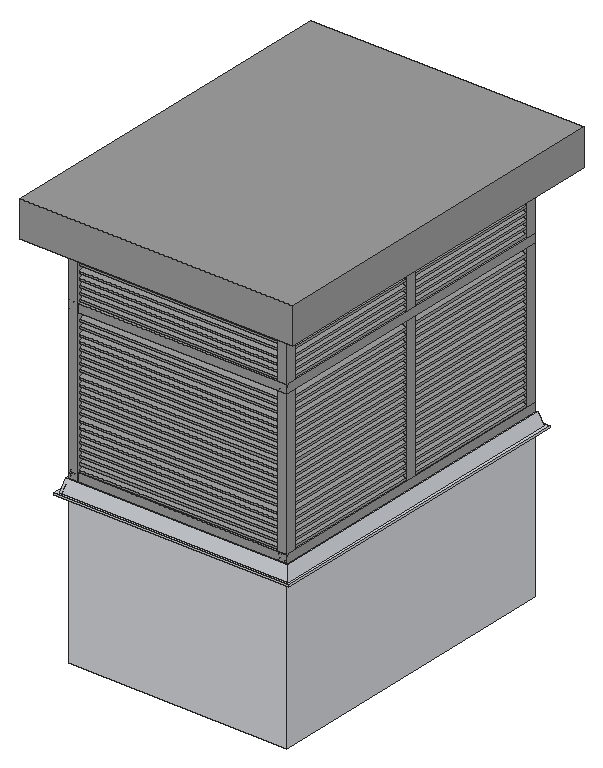
Revit family "SEQ_A3-Roof-light", category Specialty Equipment, Revit 2016
Family settings
  Part Type = Normal
  Round Connector Dimension = Use Diameter
  Work Plane-Based = No
  Always vertical = Yes
  Cut with Voids When Loaded = No
  Shared = No
  Room Calculation Point = No
Reference planes
  plane 1 "Center (Front/Back)": y = 0
  plane 2: z = 0
  plane 3 "Center (Left/Right)": x = 0
  plane 4 "T/O roof light": z = 1700
  plane 5: z = -600
Forms (mm)
  Extrusion 1, solid, material "Metal"
    sketch origin (0, 0, 1700) x (-1, 0, 0) y (0, -1, 0)
      loop
        line (750, -1000) -> (750, 1000) -> (-750, 1000) -> (-750, -1000) -> (750, -1000)
    from 0 to -200
  Extrusion 2, solid
    sketch origin (0, 0, 0) x (1, 0, 0) y (0, 1, 0)
      loop
        line (-600, 850) -> (-600, -850) -> (600, -850) -> (600, 850) -> (-600, 850)
      loop
        line (-550, 800) -> (-550, -800) -> (550, -800) -> (550, 800) -> (-550, 800)
    from -600 to 300
  Sweep 3, solid
    path origin (0, 0, 1700) x (-1, 0, 0) y (0, -1, 0)
      loop
        line (600, -850) -> (600, 850) -> (-600, 850) -> (-600, -850) -> (600, -850)
    profile origin (0, 850, 1700) x (0, 1, 0) y (0, 0, 1)
      loop
        line (28.72, -1459.862) -> (10, -1390) -> (-40, -1390) -> (-40, -1345) -> (-50, -1345) -> (-50, -1400) -> (2.327, -1400) -> (21.046, -1469.862) -> (46.046, -1469.862) -> (46.046, -1459.862) -> (28.72, -1459.862)
  Extrusion 4, solid, material "Metal"
    sketch origin (0, 0, 1700) x (-1, 0, 0) y (0, -1, 0)
      loop
        line (550, 800) -> (600, 800) -> (600, 850) -> (550, 850) -> (550, 800)
      loop
        line (550, -800) -> (550, -850) -> (600, -850) -> (600, -800) -> (550, -800)
      loop
        line (-550, 800) -> (-550, 850) -> (-600, 850) -> (-600, 800) -> (-550, 800)
      loop
        line (-550, -800) -> (-600, -800) -> (-600, -850) -> (-550, -850) -> (-550, -800)
      loop
        line (550, 25) -> (550, -25) -> (600, -25) -> (600, 25) -> (550, 25)
      loop
        line (-550, 25) -> (-600, 25) -> (-600, -25) -> (-550, -25) -> (-550, 25)
    from -1390 to -200
  Extrusion 5, solid, material "Metal"
    sketch origin (0, 0, 1700) x (-1, 0, 0) y (0, -1, 0)
      loop
        line (600, -850) -> (600, 850) -> (-600, 850) -> (-600, -850) -> (600, -850)
      loop
        line (550, -800) -> (550, 800) -> (-550, 800) -> (-550, -800) -> (550, -800)
    from -1390 to -1345
  Extrusion 6, solid, material "Metal"
    sketch origin (0, 0, 2845) x (-1, 0, 0) y (0, -1, 0)
      loop
        line (600, -850) -> (600, 850) -> (-600, 850) -> (-600, -850) -> (600, -850)
      loop
        line (550, -800) -> (550, 800) -> (-550, 800) -> (-550, -800) -> (550, -800)
    from -1390 to -1345
  Extrusion 7, solid, material "Metal"
    sketch origin (0, 0, 2534.666) x (-1, 0, 0) y (0, -1, 0)
      loop
        line (600, -850) -> (600, 850) -> (-600, 850) -> (-600, -850) -> (600, -850)
      loop
        line (550, -800) -> (550, 800) -> (-550, 800) -> (-550, -800) -> (550, -800)
    from -1390 to -1345
  Sweep 8, solid, material "Metal"
    path origin (0, 0, 1700) x (-1, 0, 0) y (0, -1, 0)
      loop
        line (600, -850) -> (600, 850) -> (-600, 850) -> (-600, -850) -> (600, -850)
    profile origin (0, 850, 1700) x (0, 1, 0) y (0, 0, 1)
      loop
        line (-5.514, -503.9) -> (-5.514, -493.9) -> (-41.766, -476.996) -> (-41.766, -466.996) -> (-46.766, -466.996) -> (-46.766, -480.181) -> (-10.514, -497.086) -> (-10.514, -503.9) -> (-5.514, -503.9)
      loop
        line (-5.514, -468.621) -> (-5.514, -458.621) -> (-41.766, -441.716) -> (-41.766, -431.716) -> (-46.766, -431.716) -> (-46.766, -444.902) -> (-10.514, -461.806) -> (-10.514, -468.621) -> (-5.514, -468.621)
      loop
        line (-5.514, -433.342) -> (-5.514, -423.342) -> (-41.766, -406.437) -> (-41.766, -396.437) -> (-46.766, -396.437) -> (-46.766, -409.622) -> (-10.514, -426.527) -> (-10.514, -433.342) -> (-5.514, -433.342)
      loop
        line (-5.514, -398.062) -> (-5.514, -388.062) -> (-41.766, -371.158) -> (-41.766, -361.158) -> (-46.766, -361.158) -> (-46.766, -374.343) -> (-10.514, -391.248) -> (-10.514, -398.062) -> (-5.514, -398.062)
      loop
        line (-5.514, -362.783) -> (-5.514, -352.783) -> (-41.766, -335.879) -> (-41.766, -325.879) -> (-46.766, -325.879) -> (-46.766, -339.064) -> (-10.514, -355.969) -> (-10.514, -362.783) -> (-5.514, -362.783)
      loop
        line (-5.514, -327.504) -> (-5.514, -317.504) -> (-41.766, -300.599) -> (-41.766, -290.599) -> (-46.766, -290.599) -> (-46.766, -303.785) -> (-10.514, -320.689) -> (-10.514, -327.504) -> (-5.514, -327.504)
      loop
        line (-5.514, -292.225) -> (-5.514, -282.225) -> (-41.766, -265.32) -> (-41.766, -255.32) -> (-46.766, -255.32) -> (-46.766, -268.505) -> (-10.514, -285.41) -> (-10.514, -292.225) -> (-5.514, -292.225)
      loop
        line (-5.514, -814.234) -> (-5.514, -804.234) -> (-41.766, -787.329) -> (-41.766, -777.329) -> (-46.766, -777.329) -> (-46.766, -790.515) -> (-10.514, -807.419) -> (-10.514, -814.234) -> (-5.514, -814.234)
      loop
        line (-5.514, -778.955) -> (-5.514, -768.955) -> (-41.766, -752.05) -> (-41.766, -742.05) -> (-46.766, -742.05) -> (-46.766, -755.235) -> (-10.514, -772.14) -> (-10.514, -778.955) -> (-5.514, -778.955)
      loop
        line (-5.514, -743.676) -> (-5.514, -733.676) -> (-41.766, -716.771) -> (-41.766, -706.771) -> (-46.766, -706.771) -> (-46.766, -719.956) -> (-10.514, -736.861) -> (-10.514, -743.676) -> (-5.514, -743.676)
      loop
        line (-5.514, -708.396) -> (-5.514, -698.396) -> (-41.766, -681.492) -> (-41.766, -671.492) -> (-46.766, -671.492) -> (-46.766, -684.677) -> (-10.514, -701.582) -> (-10.514, -708.396) -> (-5.514, -708.396)
      loop
        line (-5.514, -673.117) -> (-5.514, -663.117) -> (-41.766, -646.212) -> (-41.766, -636.212) -> (-46.766, -636.212) -> (-46.766, -649.398) -> (-10.514, -666.302) -> (-10.514, -673.117) -> (-5.514, -673.117)
      loop
        line (-5.514, -637.838) -> (-5.514, -627.838) -> (-41.766, -610.933) -> (-41.766, -600.933) -> (-46.766, -600.933) -> (-46.766, -614.118) -> (-10.514, -631.023) -> (-10.514, -637.838) -> (-5.514, -637.838)
      loop
        line (-5.514, -602.559) -> (-5.514, -592.559) -> (-41.766, -575.654) -> (-41.766, -565.654) -> (-46.766, -565.654) -> (-46.766, -578.839) -> (-10.514, -595.744) -> (-10.514, -602.559) -> (-5.514, -602.559)
      loop
        line (-5.514, -1025.909) -> (-5.514, -1015.909) -> (-41.766, -999.005) -> (-41.766, -989.005) -> (-46.766, -989.005) -> (-46.766, -1002.19) -> (-10.514, -1019.095) -> (-10.514, -1025.909) -> (-5.514, -1025.909)
      loop
        line (-5.514, -990.63) -> (-5.514, -980.63) -> (-41.766, -963.726) -> (-41.766, -953.726) -> (-46.766, -953.726) -> (-46.766, -966.911) -> (-10.514, -983.816) -> (-10.514, -990.63) -> (-5.514, -990.63)
      loop
        line (-5.514, -955.351) -> (-5.514, -945.351) -> (-41.766, -928.446) -> (-41.766, -918.446) -> (-46.766, -918.446) -> (-46.766, -931.632) -> (-10.514, -948.536) -> (-10.514, -955.351) -> (-5.514, -955.351)
      loop
        line (-5.514, -920.072) -> (-5.514, -910.072) -> (-41.766, -893.167) -> (-41.766, -883.167) -> (-46.766, -883.167) -> (-46.766, -896.352) -> (-10.514, -913.257) -> (-10.514, -920.072) -> (-5.514, -920.072)
      loop
        line (-5.514, -884.792) -> (-5.514, -874.792) -> (-41.766, -857.888) -> (-41.766, -847.888) -> (-46.766, -847.888) -> (-46.766, -861.073) -> (-10.514, -877.978) -> (-10.514, -884.792) -> (-5.514, -884.792)
      loop
        line (-5.514, -849.513) -> (-5.514, -839.513) -> (-41.766, -822.609) -> (-41.766, -812.609) -> (-46.766, -812.609) -> (-46.766, -825.794) -> (-10.514, -842.699) -> (-10.514, -849.513) -> (-5.514, -849.513)
      loop
        line (-5.514, -1237.585) -> (-5.514, -1227.585) -> (-41.766, -1210.68) -> (-41.766, -1200.68) -> (-46.766, -1200.68) -> (-46.766, -1213.866) -> (-10.514, -1230.77) -> (-10.514, -1237.585) -> (-5.514, -1237.585)
      loop
        line (-5.514, -1202.306) -> (-5.514, -1192.306) -> (-41.766, -1175.401) -> (-41.766, -1165.401) -> (-46.766, -1165.401) -> (-46.766, -1178.586) -> (-10.514, -1195.491) -> (-10.514, -1202.306) -> (-5.514, -1202.306)
      loop
        line (-5.514, -1167.026) -> (-5.514, -1157.026) -> (-41.766, -1140.122) -> (-41.766, -1130.122) -> (-46.766, -1130.122) -> (-46.766, -1143.307) -> (-10.514, -1160.212) -> (-10.514, -1167.026) -> (-5.514, -1167.026)
      loop
        line (-5.514, -1131.747) -> (-5.514, -1121.747) -> (-41.766, -1104.842) -> (-41.766, -1094.842) -> (-46.766, -1094.842) -> (-46.766, -1108.028) -> (-10.514, -1124.933) -> (-10.514, -1131.747) -> (-5.514, -1131.747)
      loop
        line (-5.514, -1096.468) -> (-5.514, -1086.468) -> (-41.766, -1069.563) -> (-41.766, -1059.563) -> (-46.766, -1059.563) -> (-46.766, -1072.749) -> (-10.514, -1089.653) -> (-10.514, -1096.468) -> (-5.514, -1096.468)
      loop
        line (-5.514, -1061.189) -> (-5.514, -1051.189) -> (-41.766, -1034.284) -> (-41.766, -1024.284) -> (-46.766, -1024.284) -> (-46.766, -1037.469) -> (-10.514, -1054.374) -> (-10.514, -1061.189) -> (-5.514, -1061.189)
      loop
        line (-5.514, -1343.423) -> (-5.514, -1333.423) -> (-41.766, -1316.518) -> (-41.766, -1306.518) -> (-46.766, -1306.518) -> (-46.766, -1319.703) -> (-10.514, -1336.608) -> (-10.514, -1343.423) -> (-5.514, -1343.423)
      loop
        line (-5.514, -1308.143) -> (-5.514, -1298.143) -> (-41.766, -1281.239) -> (-41.766, -1271.239) -> (-46.766, -1271.239) -> (-46.766, -1284.424) -> (-10.514, -1301.329) -> (-10.514, -1308.143) -> (-5.514, -1308.143)
      loop
        line (-5.514, -1272.864) -> (-5.514, -1262.864) -> (-41.766, -1245.959) -> (-41.766, -1235.959) -> (-46.766, -1235.959) -> (-46.766, -1249.145) -> (-10.514, -1266.05) -> (-10.514, -1272.864) -> (-5.514, -1272.864)
Lines and regions (mm)
  symbolic lines
    curve 1: line (-750, -1000, 0) -> (750, -1000, 0)
    curve 2: line (-750, 1000, 0) -> (-750, -1000, 0)
    curve 3: line (750, 1000, 0) -> (-750, 1000, 0)
    curve 4: line (750, -1000, 0) -> (750, 1000, 0)
    curve 5: line (600, 850, 0) -> (-600, 850, 0)
    curve 6: line (-600, 850, 0) -> (-600, -850, 0)
    curve 7: line (-600, -850, 0) -> (600, -850, 0)
    curve 8: line (600, -850, 0) -> (600, 850, 0)
    curve 9: line (550, 800, 0) -> (-550, 800, 0)
    curve 10: line (-550, 800, 0) -> (-550, -800, 0)
    curve 11: line (-550, -800, 0) -> (550, -800, 0)
    curve 12: line (550, -800, 0) -> (550, 800, 0)
Dimensions and locks
  plane 4 "T/O roof light" to level = 1700 mm
  aligned and locked: Extrusion 2 sketch curve to curve 6
  aligned and locked: Extrusion 2 sketch curve to curve 5
  aligned and locked: curve 7 to Extrusion 2 sketch curve
  aligned and locked: Extrusion 2 sketch curve to curve 8
  aligned and locked: Sweep 3 sketch curve to curve 6
  aligned and locked: Sweep 3 sketch curve to curve 5
  aligned and locked: curve 7 to Sweep 3 sketch curve
  aligned and locked: Sweep 3 sketch curve to curve 8
  aligned and locked: Extrusion 5 sketch curve to curve 6
  aligned and locked: Extrusion 5 sketch curve to curve 5
  aligned and locked: curve 7 to Extrusion 5 sketch curve
  aligned and locked: Extrusion 5 sketch curve to curve 8
